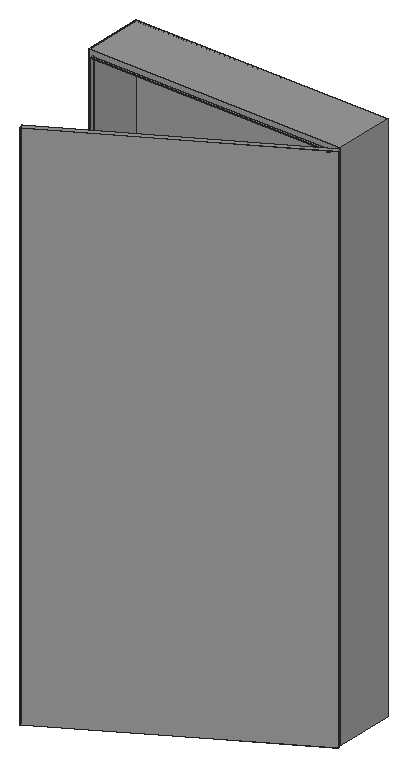
Revit family "Hager-Univers-IP44-D205-H1700-Cl.II-Encl-NoHosted-ES-es", category Electrical Equipment, Revit 2020
Family settings
  Panel Configuration = Two Columns, Circuits Across
  Round Connector Dimension = Use Diameter
  Part Type = Panelboard
  Work Plane-Based = Yes
  Always vertical = Yes
  Cut with Voids When Loaded = No
  Shared = No
  Room Calculation Point = No
Parameters (values of type "Montado superficial (escayola) IP44 A800 A1700 P205  - FP13SN2")
  Width Control [instance] = if([EF000008 - Anchura] > Min Width, [EF000008 - Anchura], Min Width)  # 800 mm
  Type Comments = [HG000003 - Gama]  # "Univers"
  Thickness Door [instance] = if([EF009171 - Espesor puerta/tapa] > 3 mm, 3 mm, [EF009171 - Espesor puerta/tapa])  # 1 mm
  Seal Frame Offset [instance] = 17 mm  # constant formula
  Plinth Visibility [instance] = [HG000027 - Altura de zócalo] > 0 mm  # no
  Min Width [instance] = 100 mm  # constant formula
  Min Depth [instance] = (2 * [EF009170 - Espesor del material de la caja]) + 1 mm  # 3 mm
  Min Height [instance] = 100 mm  # constant formula
  Internal Frame Depth [instance] = (Door System Depth * 0.5)  # 9 mm
  Panel Name [instance] = ""  # (empty or 0)
  Model = ""
  HG000027 - Altura de zócalo = 0 mm
  HG000026 - Instalación en suelo = no
  HG000024 - Altura de la sección inferior = 600 mm
  HG000023 - Caja de doble sección = no
  HG000016 - Visibilidad de la puerta 3D [instance] = yes
  HG000015 - Visibilidad a través de la puerta [instance] = no
  HG000014 - Puerta a la derecha [instance] = yes
  HG000013 - Puerta a la izquierda [instance] = not([HG000014 - Puerta a la derecha])  # no
  HG000012 - Ángulo de giro de la puerta [instance] = 30.00°
  HG000010 - Puertas asimétricas = no
  HG000009 - Puerta batiente doble = no
  HG000006 - Empotrado = no
  HG000004 - Referencia del fabricante = "FP13SN2"
  HG000003 - Gama = "Univers"
  HG000002 - Con puerta o tapa = yes
  Frame Offset Bottom [instance] = 10 mm  # constant formula
  Frame Offset [instance] = 15 mm  # constant formula
  EF015940 - Tapa con alivio de sobrepresión = no
  EF011959 - Grado de protección (NEMA) = ""
  EF009554 - Número de aberturas para placas-brida = 6
  EF009212 - Versión de la cubierta = "EV000116 - Cerrado"
  EF009171 - Espesor puerta/tapa = 1 mm
  EF009170 - Espesor del material de la caja = 1 mm
  EF008873 - Corriente nominal (In) = 400 A
  EF007800 - Adecuado para la protección contra rayos = no
  EF006306 - Con cierre = no
  EF006244 - Tapa/puerta transparente = no
  EF005474 - Grado de protección (IP) = "EV006418 - IP44"
  EF004464 - Tipo de puerta = "EV002646 - Único"
  EF004427 - Número de módulos = 396
  EF004293 - Resistencia al impacto (IK) = "EV006815 - IK09"
  EF003532 - Adecuado para uso en exteriores = no
  EF002950 - Anchura de unidades de división = 36
  EF001613 - Integridad del circuito = "EV000494 - Ninguno"
  EF001596 - Material de la carcasa = "EV000179 - Acero"
  EF001131 - Profundidad interna = 143 mm
  EF001088 - Posibilidad de extensión = yes
  EF000437 - Número de entradas de conductos de cables = 6
  EF000339 - Tipo de cubierta = "EV001012 - Cubrir"
  EF000266 - Número de filas = 11
  EF000218 - Profundidad de instalación = 205 mm
  EF000118 - Con placa de montaje = no
  EF000116 - Número RAL = "9010"
  EF000049 - Profundidad = 205 mm
  EF000040 - Altura = 1700 mm
  EF000008 - Anchura = 800 mm
  EF000007 - Color = "EV000202 - Blanco"
  EF000003 - Tipo de montaje = "EV000384 - Montado superficial (escayola)"
  Door System Leaf Tolerance [instance] = 1.5 mm  # constant formula
  Door System Depth [instance] = 18 mm  # constant formula
  Door Height [instance] = Height Control - [HG000027 - Altura de zócalo]  # 1700 mm
  Description = ""
  Default Elevation = 1219.2 mm
  Connector Offset [instance] = Height Control / 2  # 850 mm
  Manufacturer = "Hager"  # constant formula
  Height Control [instance] = if([EF000040 - Altura] > Min Height, [EF000040 - Altura], Min Height)  # 1700 mm
  Depth Control [instance] = if([EF000049 - Profundidad] > Min Depth, [EF000049 - Profundidad], Min Depth)  # 205 mm
  Bottom Top Plate Trim [instance] = 1.5 mm  # constant formula
  Plinth height Ctrl [instance] = if([HG000027 - Altura de zócalo] > 0 mm, [HG000027 - Altura de zócalo], 12 mm)  # 12 mm
Types (5, lengths in mm): name | Width Control | HG000010 - Puertas asimétricas | HG000009 - Puerta batiente doble | HG000004 - Referencia del fabricante | EF009554 - Número de aberturas para placas-brida | EF008873 - Corriente nominal (In) | EF004464 - Tipo de puerta | EF004427 - Número de módulos | EF002950 - Anchura de unidades de división | EF000437 - Número de entradas de conductos de cables | EF000008 - Anchura
  Montado superficial (escayola) IP44 A1050 A1700 P205  - FP14SN2 | 1050 | no | yes | "FP14SN2" | 8 | 400 A | "EV003602 - Doble" | 528 | 48 | 8 | 1050
  Montado superficial (escayola) IP44 A1300 A1700 P205  - FP15SN2 | 1300 | yes | yes | "FP15SN2" | 10 | 400 A | "EV003602 - Doble" | 660 | 60 | 10 | 1300
  Montado superficial (escayola) IP44 A300 A1700 P205  - FP11SN2 | 300 | no | no | "FP11SN2" | 2 | 250 A | "EV002646 - Único" | 132 | 12 | 2 | 300
  Montado superficial (escayola) IP44 A550 A1700 P205  - FP12SN2 | 550 | no | no | "FP12SN2" | 4 | 250 A | "EV002646 - Único" | 264 | 24 | 4 | 550
  Montado superficial (escayola) IP44 A800 A1700 P205  - FP13SN2 | 800 | no | no | "FP13SN2" | 6 | 400 A | "EV002646 - Único" | 396 | 36 | 6 | 800
Reference planes
  plane 1 "Center (Front/Back)": y = 0
  plane 2: z = 0
  plane 3 "Center (Left/Right)": x = 0
  plane 4: y = 0
  plane 5: y = 0
  plane 6: z = 0
  plane 7: x = -400
  plane 8: x = 400
  plane 9: x = 399
  plane 10: x = -399
  plane 11: z = 0
  plane 12: z = 1
  plane 13: y = -205
  plane 14: y = -1
  plane 15: x = 0
  plane 16: y = -187
  plane 17: y = -204
  plane 18: y = -186
  plane 19: x = -384
  plane 20: x = 384
  plane 21: z = 11
  plane 22: x = -383
  plane 23: x = 383
  plane 24: z = 0
  plane 25: z = 1700
  plane 26: z = 1700
  plane 27: z = 1684
  plane 28: z = 1699
Forms (mm)
  Extrusion 1, solid, material "Hager_Steel_RAL7035_Light_Grey", detail levels medium+fine
    sketch origin (-208.679, -4572, 0) x (-1, 0, 0) y (0, -1, 0)
      loop
        line (191.321, -4385) -> (-608.679, -4385) -> (-608.679, -4572) -> (191.321, -4572) -> (191.321, -4385)
    from 0 to 1700
  Extrusion 2, void
    sketch origin (-350.771, -205, 1219.2) x (1, 0, 0) y (0, 0, 1)
      loop
        line (-48.229, 479.8) -> (-48.229, -1218.2) -> (749.771, -1218.2) -> (749.771, 479.8) -> (-48.229, 479.8)
    from -19 to -204
  Extrusion 3, void
    sketch origin (-290.084, -187, 1219.2) x (1, 0, 0) y (0, 0, 1)
      loop
        line (-93.916, -1208.2) -> (674.084, -1208.2) -> (674.084, 464.8) -> (-93.916, 464.8) -> (-93.916, -1208.2)
    from 0 to -1
  Extrusion 4, solid, material "Hager_Steel_RAL7035_Light_Grey", visible <- "Plinth Visibility", detail levels medium+fine
    sketch origin (0, 0, 0) x (1, 0, 0) y (0, 1, 0)
      loop
        line (-400, 0) -> (-400, -187) -> (400, -187) -> (400, 0) -> (-400, 0)
    from 0 to 12 <- "Plinth height Ctrl"
  Extrusion 5, solid, material "Hager_Steel_RAL7035_Light_Grey", detail levels coarse
    sketch origin (0, 0, 0) x (1, 0, 0) y (0, 1, 0)
      loop
        line (-400, 0) -> (-400, -205) -> (400, -205) -> (400, 0) -> (-400, 0)
    from 0 to 1700 <- "Height Control"
  Sweep 6, void
    path in 3D
      loop
        line (-400, -187, 12) -> (400, -187, 12) -> (400, 0, 12) -> (-400, 0, 12) -> (-400, -187, 12)
    profile origin (-400, -93.5, 12) x (1, 0, 0) y (0, 0, 1)
      loop
        line (0, 0) -> (0, -1.5) -> (1.5, -1.5)
        arc (1.5, -1.5) -> (1.061, -0.439) -> (0, 0) r 1.5
  Extrusion 7, solid, material "Hager_Steel_RAL7035_Light_Grey", detail levels fine
    sketch origin (-400, -187, 0) x (1, 0, 0) y (0, 0, 1)
      loop
        line (16, 11) -> (784, 11) -> (784, 1684) -> (16, 1684) -> (16, 11)
      loop
        line (15, 10) -> (785, 10) -> (785, 1685) -> (15, 1685) -> (15, 10)
    from 0 to 9 <- "Internal Frame Depth"
Cuts and joins
  Extrusion 2, Extrusion 3 cuts Extrusion 1
  Sweep 6 cuts Extrusion 4
Lines and regions (mm)
  Masking region 1
    outline origin (0, 0, 0) x (1, 0, 0) y (0, 1, 0)
      loop
        line (-400, 0) -> (-400, -205) -> (400, -205) -> (400, 0) -> (-400, 0)
  Masking region 2, detail levels coarse
    outline origin (-290.084, -187, 1219.2) x (-1, 0, 0) y (0, 0, 1)
      loop
        line (-690.084, -1219.2) -> (109.916, -1219.2) -> (109.916, 480.8) -> (-690.084, 480.8) -> (-690.084, -1219.2)
  Masking region 3, detail levels coarse
    outline origin (0, 0, 0) x (0, 1, 0) y (0, 0, 1)
      loop
        line (0, 0) -> (0, 1700) -> (-205, 1700) -> (-205, 0) -> (0, 0)
  Masking region 4, visible <- "Plinth Visibility", detail levels medium+fine
    outline origin (0, 0, 0) x (0, 1, 0) y (0, 0, 1)
      loop
        line (-1.5, 12) -> (-185.5, 12)
        arc (-185.5, 12) -> (-185.939, 10.939) -> (-187, 10.5) r 1.5
        line (-187, 10.5) -> (-187, 0) -> (0, 0) -> (0, 10.5)
        arc (0, 10.5) -> (-1.061, 10.939) -> (-1.5, 12) r 1.5
  Masking region 5, detail levels medium+fine
    outline origin (0, 0, 594.038) x (0, 1, 0) y (0, 0, 1)
      loop
        line (0, -594.038) -> (0, 1105.962) -> (-187, 1105.962) -> (-187, -594.038) -> (0, -594.038)
  Masking region 6, detail levels medium+fine
    outline origin (-359.7, -187, 1211.883) x (-1, 0, 0) y (0, 0, 1)
      loop
        line (-759.7, -1211.883) -> (40.3, -1211.883) -> (40.3, 488.117) -> (-759.7, 488.117) -> (-759.7, -1211.883)
  Masking region 7, visible <- "Plinth Visibility", detail levels medium+fine
    outline origin (-320.334, -187, 1041.368) x (-1, 0, 0) y (0, 0, 1)
      loop
        line (-720.334, -1041.368) -> (79.666, -1041.368) -> (79.666, -1030.868)
        arc (79.666, -1030.868) -> (78.606, -1030.429) -> (78.166, -1029.368) r 1.5
        line (78.166, -1029.368) -> (-718.834, -1029.368)
        arc (-718.834, -1029.368) -> (-719.273, -1030.429) -> (-720.334, -1030.868) r 1.5
        line (-720.334, -1030.868) -> (-720.334, -1041.368)
  sketch lines
    curve 1: line (-400, 0, 12) -> (-400, -187, 12)
    curve 2: line (-400, -187, 12) -> (400, -187, 12)
    curve 3: line (400, 0, 12) -> (-400, 0, 12)
    curve 4: line (400, -187, 12) -> (400, 0, 12)
Dimensions and locks
  locked: plane 1 "Center (Front/Back)" to plane 5
  "EF009170 - Espesor del material de la caja": plane 7 to plane 10
  "EF009170 - Espesor del material de la caja": plane 8 to plane 9
  equal spacing: plane 7, plane 3 "Center (Left/Right)", plane 8
  "Width Control": plane 7 to plane 8
  "Depth Control": plane 4 to plane 13
  "EF009170 - Espesor del material de la caja": plane 4 to plane 14
  "Height Control": plane 25 to level
  "HG000027 - Altura de zócalo": plane 11 to level
  "EF009170 - Espesor del material de la caja": plane 12 to plane 11
  "EF009170 - Espesor del material de la caja": plane 17 to plane 13
  "EF009170 - Espesor del material de la caja": plane 18 to plane 16
  "Frame Offset Bottom": plane 21 to plane 12
  "Frame Offset": plane 10 to plane 19
  "Frame Offset": plane 9 to plane 20
  "Door System Depth": plane 16 to plane 13
  "Seal Frame Offset": plane 7 to plane 22
  "Seal Frame Offset": plane 8 to plane 23
  "EF009170 - Espesor del material de la caja": plane 26 to plane 28
  "Frame Offset": plane 28 to plane 27
  "Connector Offset": plane 2 to connector elem
  "Bottom Top Plate Trim": profile plane to Sweep 6 sketch curve
  "Bottom Top Plate Trim": Sweep 6 sketch curve to Sweep 6 sketch curve
  "Plinth height Ctrl": Masking region 4 sketch curve to level
  "Plinth height Ctrl": Masking region 7 sketch curve to level
  "Thickness Door": Extrusion 7 sketch curve to Extrusion 7 sketch curve  (x4)
  "Bottom Top Plate Trim": radius of Sweep 6 sketch curve
  "Bottom Top Plate Trim": radius of Masking region 4 sketch curve  (x2)
  "Bottom Top Plate Trim": radius of Masking region 7 sketch curve  (x2)
  aligned and locked: Extrusion 2 sketch curve to plane 12
  aligned and locked: Extrusion 2 sketch curve to plane 9
  aligned and locked: Extrusion 2 sketch curve to plane 10
  aligned and locked: Extrusion 2 to plane 14
  aligned and locked: Extrusion 1 sketch curve to plane 4
  aligned and locked: plane 8 to Extrusion 1 sketch curve
  aligned and locked: plane 7 to Extrusion 1 sketch curve
  aligned and locked: Extrusion 2 to plane 18
  aligned and locked: Extrusion 3 sketch curve to plane 19
  aligned and locked: plane 20 to Extrusion 3 sketch curve
  aligned and locked: Extrusion 3 to Extrusion 2
  aligned and locked: Extrusion 3 sketch curve to plane 21
  aligned and locked: plane 3 "Center (Left/Right)" to nested 1
  aligned and locked: Extrusion 1 sketch curve to plane 16
  aligned and locked: Extrusion 4 sketch curve to cut or joined group of Extrusion 1, Extrusion 2, Extrusion 3
  aligned and locked: Masking region 1 sketch curve to plane 7
  aligned and locked: Masking region 1 sketch curve to plane 5
  aligned and locked: Masking region 1 sketch curve to plane 8
  aligned and locked: Masking region 2 sketch curve to level
  aligned and locked: level to Masking region 3 sketch curve
  aligned and locked: plane 1 "Center (Front/Back)" to Masking region 3 sketch curve
  aligned and locked: plane 13 to Masking region 3 sketch curve
  aligned and locked: plane 5 to Masking region 4 sketch curve
  aligned and locked: Masking region 2 sketch curve to plane 8
  aligned and locked: Masking region 2 sketch curve to plane 7
  aligned and locked: plane 7 to nested 2
  aligned and locked: nested 2 to plane 5
  aligned and locked: plane 5 to Masking region 5 sketch curve
  aligned and locked: plane 26 to Masking region 5 sketch curve
  aligned and locked: Extrusion 5 sketch curve to plane 8
  aligned and locked: Extrusion 5 sketch curve to plane 7
  aligned and locked: Extrusion 5 sketch curve to plane 5
  aligned and locked: Extrusion 3 sketch curve to plane 27
  aligned and locked: Extrusion 2 sketch curve to plane 28
  aligned and locked: Masking region 2 to plane 25
  aligned and locked: Extrusion 4 to plane 16
  aligned and locked: profile plane to Sweep 6 sketch curve
  aligned and locked: Masking region 5 sketch curve to plane 24
  aligned and locked: level to Masking region 4 sketch curve
  aligned and locked: Masking region 1 to plane 13
  aligned and locked: nested 1 to plane 16
  aligned and locked: Masking region 3 to plane 25
  aligned and locked: plane 16 to Masking region 4 sketch curve
  aligned and locked: Masking region 5 sketch curve to plane 16
  aligned and locked: plane 24 to plane 11
  aligned and locked: plane 26 to plane 25
  aligned and locked: plane 26 to cut or joined group of Extrusion 1, Extrusion 2, Extrusion 3
  aligned and locked: nested 1 to plane 24
  aligned and locked: Extrusion 1 to Extrusion 3
  aligned and locked: Masking region 6 sketch curve to plane 8
  aligned and locked: Masking region 6 sketch curve to plane 24
  aligned and locked: Masking region 6 sketch curve to plane 7
  aligned and locked: Masking region 6 sketch curve to plane 26
  aligned and locked: Masking region 7 sketch curve to plane 7
  aligned and locked: level to Masking region 7 sketch curve
  aligned and locked: Masking region 7 sketch curve to plane 8
  aligned and locked: Extrusion 7 sketch curve to cut or joined group of Extrusion 1, Extrusion 2, Extrusion 3  (x4)
Automatic sketch dimensions
  plane 19 to Extrusion 3 sketch curve = 0 mm
  Extrusion 3 sketch curve to plane 20 = 0 mm
  Extrusion 3 sketch curve to plane 21 = 0 mm
  Extrusion 4 sketch curve to plane 7 = 0 mm
  Extrusion 4 sketch curve to plane 8 = 0 mm
  Extrusion 4 sketch curve to plane 16 = 0 mm
  Masking region 1 sketch curve to plane 13 = 0 mm
  Masking region 2 sketch curve to plane 25 = 0 mm
  Masking region 3 sketch curve to plane 25 = 0 mm
  Extrusion 5 sketch curve to plane 13 = 0 mm
  profile plane to Sweep 6 sketch curve = 0 mm
Nested families
  nested 1: "EC000058_Univers_Door" at (0, -187, 0), Double <- "HG000009 - Puerta batiente doble", Transparent <- "EF006244 - Tapa/puerta transparente", Angle <- "HG000012 - Ángulo de giro de la puerta", Door_Right <- "HG000014 - Puerta a la derecha", Assymetrical <- "HG000010 - Puertas asimétricas", Door <- "HG000002 - Con puerta o tapa", Width_Ctrl <- "Width Control", 3d_Door <- "HG000016 - Visibilidad de la puerta 3D", Clearance <- "HG000015 - Visibilidad a través de la puerta", Door_Left <- "HG000013 - Puerta a la izquierda", Width <- "Width Control", Door_Depth <- "Door System Depth", Leaf_Tolerance <- "Door System Leaf Tolerance", Height <- "Door Height", Lock_Visibility <- "EF006306 - Con cierre", Thickness <- "Thickness Door", type "EC000058_Univers_Door", detail levels medium+fine
    with min_wh 3 mm, Width_Ctrl 800 mm, Width 800 mm, Transparent no, Thickness 1 mm, Seal_Material Hager_Rubber, Lock_Visibility no, Lock_Material Hager_Plastic_RAL9005_Jet_Black, Leaf_Width 800 mm, Leaf_Tolerance_External_Sides 0 mm, Leaf_Tolerance 1.5 mm, Leaf_Offset 0 mm, Leaf_Height 1697 mm, Leaf_2_Width 800 mm, Leaf_2_Offset 400 mm, Leaf_1_Width 800 mm, Leaf_1_Offset 400 mm, Height_Ctrl 1700 mm, Height 1700 mm, Glass_Material Hager_Glass, Double_Clearance_Ctrl no, Double no, Door_Right_Ctrl yes, Door_Right yes, Door_Material Hager_Steel_RAL7035_Light_Grey, Door_Left_Ctrl no, Door_Left no, Door_Depth 18 mm, Door yes, Clearance_Material Hager_Clearance, Clearance_Depth 800 mm, Clearance_Ctrl no, Clearance no, Assymetrical no, Angle 30.00°, 3d_Door yes
  nested 2: "Hager_Enclosure_Symbol" at (-400, 0, 0), Height <- "Depth Control", Width <- "Width Control", type "Hager_Enclosure_Symbol"
    with Width_Ctrl 800 mm, Width 800 mm, Height_Ctrl 205 mm, Height 205 mm, A_Width_Int 13.453 mm, A_Width 161.438 mm, A_Height_Ctrl 179.375 mm, A_Height 179.375 mm
Connectors
  electrical at (0, 0, 850)
    settings: on plane 1 "Center (Front/Back)", index 1, voltage 0 V, apparent load 0 VA, apparent load phase1 0 VA, apparent load phase2 0 VA, apparent load phase3 0 VA, power factor 1, load classification "Other", number of poles 1, system type 30, power factor state 1, is connector primary yes, connector utility no, sub classification motor no, connector description ""
Definition of nested family "EC000058_Univers_Door"
  Parameters (values of type "EC000058_Univers_Door")
    min_wh [instance] = (2 * Thickness) + 1 mm  # 11 mm
    Width_Ctrl [instance] = 400 mm
    Width [instance] = 500 mm
    Transparent [instance] = yes
    Thickness [instance] = 5 mm
    Seal_Material [instance] = none
    Lock_Visibility [instance] = yes
    Lock_Material [instance] = none
    Leaf_Width [instance] = if((Width_Ctrl - 2 * Leaf_Tolerance_External_Sides) > 0 mm, (Width_Ctrl - 2 * Leaf_Tolerance_External_Sides), min_wh)  # 400 mm
    Leaf_Tolerance_External_Sides [instance] = 0 mm  # constant formula
    Leaf_Tolerance [instance] = 1.5 mm
    Leaf_Offset [instance] = 0 mm  # constant formula
    Leaf_Height [instance] = if((Height_Ctrl - 2 * Leaf_Tolerance) > 0 mm, (Height_Ctrl - 2 * Leaf_Tolerance), min_wh)  # 497 mm
    Leaf_2_Width [instance] = if(and(and(Double, Assymetrical), Door_Left), (Leaf_Width / 3) - (Leaf_Tolerance / 2), if(and(and(Double, Assymetrical), Door_Right), (Leaf_Width / 3) * 2 - (Leaf_Tolerance / 2), if(and(Double, not(Assymetrical)), (Leaf_Width / 2) - Leaf_Tolerance, Leaf_Width)))  # 400 mm
    Leaf_2_Offset [instance] = if(and(Double, Assymetrical), Leaf_2_Width / 2, if(and(Double, not(Assymetrical)), Leaf_Width / 4, Leaf_Width / 2))  # 200 mm
    Leaf_1_Width [instance] = if(and(and(Double, Assymetrical), Door_Right), (Leaf_Width / 3) - (Leaf_Tolerance / 2), if(and(and(Double, Assymetrical), Door_Left), (Width / 3) * 2 - (Leaf_Tolerance / 2), if(and(Double, not(Assymetrical)), (Leaf_Width / 2) - Leaf_Tolerance, Leaf_Width)))  # 400 mm
    Leaf_1_Offset [instance] = if(and(Double, Assymetrical), Leaf_1_Width / 2, if(and(Double, not(Assymetrical)), Leaf_Width / 4, Leaf_Width / 2))  # 200 mm
    Height_Ctrl [instance] = if(Height > min_wh, Height, min_wh)  # 500 mm
    Height [instance] = 500 mm
    Glass_Material [instance] = none
    Double_Clearance_Ctrl [instance] = and(Double, Clearance)  # no
    Double [instance] = no
    Door_Right_Ctrl [instance] = and(or(Door_Right, Double), Door)  # yes
    Door_Right [instance] = yes
    Door_Material [instance] = none
    Door_Left_Ctrl [instance] = and(or(Door_Left, Double), Door)  # no
    Door_Left [instance] = no
    Door_Depth [instance] = 30 mm
    Door [instance] = yes
    Default Elevation = 1219.2 mm
    Clearance_Material [instance] = none
    Clearance_Depth [instance] = if(Leaf_1_Width > Leaf_2_Width, Leaf_1_Width, Leaf_2_Width)  # 400 mm
    Clearance_Ctrl [instance] = and(not(Double), Clearance)  # yes
    Clearance [instance] = yes
    Assymetrical [instance] = yes
    Angle [instance] = 30.00°
    3d_Door [instance] = yes
  Reference planes
    plane 1 "Center (Front/Back)": y = 0
    plane 2 "Bottom": z = 0
    plane 3 "Center (Left/Right)": x = 0
    plane 4: z = 500
    plane 5: x = -200
    plane 6: x = 200
    plane 7: z = 500
    plane 8: x = -200
    plane 9: z = 0
    plane 10: x = 200
    plane 11: y = 0
    plane 12: z = 1.5
    plane 13: x = -600
    plane 14: y = -400
    plane 15: x = 600
    plane 16: x = 0
    plane 17: x = 0
    plane 18: x = -200
    plane 19: x = 200
    plane 20: z = 498.5
  Forms (mm)
    Extrusion 1, solid, material <- "Clearance_Material", visible <- "Double_Clearance_Ctrl"
      sketch origin (1200, 0, 0) x (1, 0, 0) y (0, 0, -1)
        loop
          line (-1800, -498.5) -> (-600, -498.5) -> (-600, 0) -> (-1800, 0) -> (-1800, -498.5)
      from 0 to -400
  Dimensions and locks
    equal spacing: plane 5, plane 3 "Center (Left/Right)", plane 6
    "Width_Ctrl": plane 5 to plane 6
    "Leaf_Offset": plane 5 to plane 8
    "Leaf_Offset": plane 6 to plane 10
    "Leaf_Offset": plane 9 to level
    "Leaf_Offset": plane 4 to plane 7
    "Height_Ctrl": plane 4 to level
    "Leaf_Tolerance": plane 12 to plane 9
    locked: plane 11 to plane 1 "Center (Front/Back)"
    "Leaf_1_Offset": plane 18 to plane 16
    "Leaf_2_Offset": plane 17 to plane 19
    "Leaf_1_Width": plane 13 to plane 8
    "Leaf_2_Width": plane 10 to plane 15
    "Clearance_Depth": plane 14 to plane 1 "Center (Front/Back)"
    "Leaf_Tolerance_External_Sides": plane 8 to plane 18
    "Leaf_Tolerance_External_Sides": plane 19 to plane 10
    "Leaf_Tolerance": plane 7 to plane 20
    aligned and locked: level to plane 2 "Bottom"
    aligned and locked: nested 1 to plane 16
    aligned and locked: nested 2 to plane 17
    aligned and locked: Extrusion 1 to plane 13
    aligned and locked: plane 15 to Extrusion 1
    aligned and locked: Extrusion 1 to plane 14
    aligned and locked: plane 12 to nested 1
    aligned and locked: nested 2 to plane 12
    aligned and locked: Extrusion 1 to plane 11
    aligned and locked: plane 20 to Extrusion 1
    aligned and locked: nested 2 to plane 11
    aligned and locked: nested 1 to plane 11
  Automatic sketch dimensions
    Extrusion 1 sketch curve to level = 0 mm
    plane 5 to Extrusion 1 sketch curve = 400 mm
    plane 6 to Extrusion 1 sketch curve = 400 mm
    Extrusion 1 sketch curve to plane 4 = 1.5 mm
  Nested families
    nested 1: "EC000058_Univers_Door_Leaf" at (0, 0, 1.5), Width <- "Leaf_1_Width", visible <- "Door_Left_Ctrl", Leaf_Height <- "Leaf_Height", Angle <- "Angle", 3d_Door <- "3d_Door", Transparent <- "Transparent", Clearance Material <- "Clearance_Material", Clearance <- "Clearance_Ctrl", Door_Material <- "Door_Material", Glass_Material <- "Glass_Material", Door_Depth <- "Door_Depth", Lock_Material <- "Lock_Material", Seal_Material <- "Seal_Material", Lock_Visibility <- "Lock_Visibility", Thickness <- "Thickness", type "EC000058_Univers_Door_Leaf"
      with Width 400 mm, Transparent_Glass_Offset 30 mm, Transparent_Ctrl yes, Transparent yes, Thickness 5 mm, Standard no, Seal_Material none, Seal_D2 8 mm, Seal_D1 1 mm, Offset_Internal_Frame 10 mm, Lock_Width 20 mm, Lock_Visibility_3d yes, Lock_Visibility yes, Lock_Thickness_3 3 mm, Lock_Thickness_2 1 mm, Lock_Thickness_1 3 mm, Lock_Radius_Offset_2 16 mm, Lock_Radius_Offset_1 15 mm, Lock_Radius_2 5 mm, Lock_Radius 6 mm, Lock_Offset 5 mm, Lock_Material none, Lock_Height 80 mm, Lock_Cover_Top_Offset_2d 17 mm, Lock_Cover_Height -65 mm, Leaf_Height 497 mm, Internal_Seal_Thickness 8 mm, Internal_Seal_Depth_2 4.5 mm, Internal_Frame_Depth 25 mm, Glass_Thickness -1 mm, Glass_Offset -2 mm, Glass_Material none, Door_Material none, Door_Depth 30 mm, Clearance Material none, Clearance yes, Angle_Ctrl 30.00°, Angle 30.00°, 3d_Door yes
    nested 2: "EC000058_Univers_Door_Leaf" at (0, 0, 1.5) x (-1, 0, 0) z (0, 0, 1), Width <- "Leaf_2_Width", visible <- "Door_Right_Ctrl", Leaf_Height <- "Leaf_Height", Angle <- "Angle", 3d_Door <- "3d_Door", Transparent <- "Transparent", Clearance Material <- "Clearance_Material", Clearance <- "Clearance_Ctrl", Door_Material <- "Door_Material", Glass_Material <- "Glass_Material", Door_Depth <- "Door_Depth", Lock_Material <- "Lock_Material", Seal_Material <- "Seal_Material", Lock_Visibility <- "Lock_Visibility", Thickness <- "Thickness", type "EC000058_Univers_Door_Leaf"
      with Width 400 mm, Transparent_Glass_Offset 30 mm, Transparent_Ctrl yes, Transparent yes, Thickness 5 mm, Standard no, Seal_Material none, Seal_D2 8 mm, Seal_D1 1 mm, Offset_Internal_Frame 10 mm, Lock_Width 20 mm, Lock_Visibility_3d yes, Lock_Visibility yes, Lock_Thickness_3 3 mm, Lock_Thickness_2 1 mm, Lock_Thickness_1 3 mm, Lock_Radius_Offset_2 16 mm, Lock_Radius_Offset_1 15 mm, Lock_Radius_2 5 mm, Lock_Radius 6 mm, Lock_Offset 5 mm, Lock_Material none, Lock_Height 80 mm, Lock_Cover_Top_Offset_2d 17 mm, Lock_Cover_Height -65 mm, Leaf_Height 497 mm, Internal_Seal_Thickness 8 mm, Internal_Seal_Depth_2 4.5 mm, Internal_Frame_Depth 25 mm, Glass_Thickness -1 mm, Glass_Offset -2 mm, Glass_Material none, Door_Material none, Door_Depth 30 mm, Clearance Material none, Clearance yes, Angle_Ctrl 30.00°, Angle 30.00°, 3d_Door yes
  Definition of nested family "EC000058_Univers_Door_Leaf"
    Parameters (values of type "EC000058_Univers_Door_Leaf")
      Width [instance] = 2000 mm
      Transparent_Glass_Offset [instance] = 30 mm
      Transparent_Ctrl [instance] = and(Transparent, [3d_Door])  # yes
      Transparent [instance] = yes
      Thickness [instance] = 5 mm
      Standard [instance] = and(not(Transparent), [3d_Door])  # no
      Seal_Material [instance] = none
      Seal_D2 [instance] = 8 mm  # constant formula
      Seal_D1 [instance] = 1 mm  # constant formula
      Offset_Internal_Frame [instance] = 10 mm  # constant formula
      Lock_Width [instance] = 20 mm  # constant formula
      Lock_Visibility_3d [instance] = and(Lock_Visibility, [3d_Door])  # yes
      Lock_Visibility [instance] = yes
      Lock_Thickness_3 [instance] = 3 mm  # constant formula
      Lock_Thickness_2 [instance] = 1 mm  # constant formula
      Lock_Thickness_1 [instance] = 3 mm  # constant formula
      Lock_Radius_Offset_2 [instance] = Lock_Radius_Offset_1 + 1 mm  # 16 mm
      Lock_Radius_Offset_1 [instance] = 15 mm  # constant formula
      Lock_Radius_2 [instance] = Lock_Radius - 1 mm  # 5 mm
      Lock_Radius [instance] = 6 mm  # constant formula
      Lock_Offset [instance] = 5 mm  # constant formula
      Lock_Material [instance] = none
      Lock_Height [instance] = 80 mm  # constant formula
      Lock_Cover_Top_Offset_2d [instance] = Lock_Radius_Offset_2 + 1 mm  # 17 mm
      Lock_Cover_Height [instance] = -(Lock_Height - Lock_Radius_Offset_1)  # -65 mm
      Leaf_Height [instance] = 2720.336 mm
      Internal_Seal_Thickness [instance] = 8 mm  # constant formula
      Internal_Seal_Depth_2 [instance] = 4.5 mm  # constant formula
      Internal_Frame_Depth [instance] = if(Door_Depth - Thickness > 5 mm, Door_Depth - Thickness, 5 mm)  # 25 mm
      Glass_Thickness [instance] = if(Thickness > 15 mm, Glass_Offset + 10 mm, -1 mm)  # -1 mm
      Glass_Offset [instance] = if(Thickness > 15 mm, -(Thickness + 10 mm) / 2, -2 mm)  # -2 mm
      Glass_Material [instance] = none
      Door_Material [instance] = none
      Door_Depth [instance] = 30 mm
      Default Elevation = 0 mm
      Clearance Material [instance] = none
      Clearance [instance] = yes
      Angle_Ctrl [instance] = if(Angle > 180.00°, 180.00°, Angle)  # 90.00°
      Angle [instance] = 90.00°
      3d_Door [instance] = yes
    Reference planes
      plane 1 "Center (Front/Back)": y = 0
      plane 2: z = 0
      plane 3 "Center (Left/Right)": x = 0
      plane 4: y = 2000
      plane 5: x = -1000
      plane 6: x = 1000
      plane 7: x = -3000
      plane 8: z = 2720.336
      plane 9: z = 30
      plane 10: z = 2690.336
      plane 11: x = 970
      plane 12: x = -970
      plane 13: y = -3
      plane 14: z = 107.833
      plane 15: y = -5
      plane 16: y = -223.314
      plane 17: x = -1000
      plane 18: z = 1360.168
      plane 19: y = 30
    Forms (mm)
      Extrusion 1, solid, material <- "Clearance Material", visible <- "Clearance"
        sketch origin (0, 0, 0) x (1, 0, 0) y (0, 0, 1)
          loop
            line (-3000, 2720.336) -> (-3000, 0) -> (1000, 0) -> (1000, 2720.336) -> (-3000, 2720.336)
        from 0 to -2000
      Extrusion 2, solid, material <- "Door_Material", visible <- "Standard", detail levels medium+fine
        sketch origin (-1000, 0, 0) x (0, 1, 0) y (-1, 0, 0)
          loop
            line (0, 30) -> (0, 25) -> (2000, 25) -> (2000, 30) -> (0, 30)
        from 0 to 2720.336 <- "Leaf_Height"
      Extrusion 3, solid, material <- "Door_Material", visible <- "Transparent_Ctrl", detail levels medium+fine
        sketch origin (-1000, 0, 0) x (0, 1, 0) y (-1, 0, 0)
          loop
            line (0, 25) -> (2000, 25) -> (2000, 30) -> (0, 30) -> (0, 25)
        from 0 to 2720.336 <- "Leaf_Height"
      Extrusion 4, void
        sketch origin (-1025, 2000, 0) x (0, 1, 0) y (0, 0, -1)
          loop
            line (-30, -2690.336) -> (-30, -30) -> (-1970, -30) -> (-1970, -2690.336) -> (-30, -2690.336)
        from 0 to 5 <- "Thickness"
      Sweep 5, solid, material <- "Seal_Material", visible <- "Transparent_Ctrl", detail levels fine
        path in 3D
          loop
            line (-1025, 30, 30) -> (-1025, 30, 2690.336) -> (-1025, 1970, 2690.336) -> (-1025, 1970, 30) -> (-1025, 30, 30)
        profile origin (-1025, 1000, 30) x (1, 0, 0) y (0, 0, 1)
          loop
            line (0, 0) -> (0, -8) -> (1, -8) -> (1, 0) -> (0, 0)
      Extrusion 6, solid, material <- "Glass_Material", visible <- "Transparent_Ctrl", detail levels medium+fine
        sketch origin (-1030, 0, 0) x (0, 1, 0) y (0, 0, -1)
          loop
            line (1970, -2690.336) -> (1970, -30) -> (30, -30) -> (30, -2690.336) -> (1970, -2690.336)
        from -2 <- "Glass_Offset" to -1 <- "Glass_Thickness"
      Extrusion 7, solid, material <- "Door_Material", visible <- "3d_Door", detail levels medium+fine
        sketch origin (-1025, 2000, 0) x (0, -1, 0) y (0, 0, -1)
          loop
            line (0, -2720.336) -> (2000, -2720.336) -> (2000, 0) -> (0, 0) -> (0, -2720.336)
          loop
            line (1995, -5) -> (5, -5) -> (5, -2715.336) -> (1995, -2715.336) -> (1995, -5)
        from 0 to 25 <- "Internal_Frame_Depth"
      Sweep 8, solid, material <- "Seal_Material", visible <- "Transparent_Ctrl", detail levels fine
        path in 3D
          loop
            line (-1025, 0, 0) -> (-1025, 2000, 0) -> (-1025, 2000, 2720.336) -> (-1025, 0, 2720.336) -> (-1025, 0, 0)
        profile origin (-1025, 0, 1360.168) x (1, 0, 0) y (0, 1, 0)
          loop
            line (0, 10) -> (2.975, 10)
            arc (2.975, 10) -> (4.053, 10.447) -> (4.5, 11.525) r 1.525
            line (4.5, 11.525) -> (4.5, 16.527)
            arc (4.5, 16.527) -> (4.069, 17.569) -> (3.027, 18) r 1.473
            line (3.027, 18) -> (0, 18) -> (0, 10)
      Extrusion 9, solid, material <- "Lock_Material", visible <- "Lock_Visibility_3d", detail levels fine
        sketch origin (-1030, 0, 0) x (0, 1, 0) y (0, 0, -1)
          loop
            arc (1993.5, -1400.168) -> (1994.561, -1399.729) -> (1995, -1398.668) r 1.5
            line (1995, -1398.668) -> (1995, -1320.168) -> (1975, -1320.168) -> (1975, -1398.668)
            arc (1975, -1398.668) -> (1975.439, -1399.729) -> (1976.5, -1400.168) r 1.5
            line (1976.5, -1400.168) -> (1993.5, -1400.168)
        from 3 <- "Lock_Thickness_1" to 0
      Blend 10, solid, material <- "Lock_Material", visible <- "Lock_Visibility_3d", detail levels fine
        base sketch origin (-1033, 0, 0) x (0, 1, 0) y (0, 0, -1)
          loop
            line (1975, -1320.168) -> (1975, -1398.668)
            arc (1975, -1398.668) -> (1975.439, -1399.729) -> (1976.5, -1400.168) r 1.5
            line (1976.5, -1400.168) -> (1993.5, -1400.168)
            arc (1993.5, -1400.168) -> (1994.561, -1399.729) -> (1995, -1398.668) r 1.5
            line (1995, -1398.668) -> (1995, -1320.168) -> (1975, -1320.168)
        top sketch origin (-1033, 0, 0) x (0, 1, 0) y (0, 0, -1)
          loop
            line (1976, -1320.168) -> (1976, -1398.668)
            arc (1976, -1398.668) -> (1976.146, -1399.022) -> (1976.5, -1399.168) r 0.5
            line (1976.5, -1399.168) -> (1993.5, -1399.168)
            arc (1993.5, -1399.168) -> (1993.854, -1399.022) -> (1994, -1398.668) r 0.5
            line (1994, -1398.668) -> (1994, -1320.168) -> (1976, -1320.168)
        from 0 to 1 <- "Lock_Thickness_2"
      Blend 11, solid, material <- "Lock_Material", visible <- "Lock_Visibility_3d", detail levels fine
        base sketch origin (-1034, 0, 0) x (0, 1, 0) y (0, 0, -1)
          loop
            line (1978, -1320.168) -> (1978, -1384.168)
            arc (1978, -1384.168) -> (1985, -1391.168) -> (1992, -1384.168) r 7
            line (1992, -1384.168) -> (1992, -1320.168) -> (1978, -1320.168)
        top sketch origin (-1034, 0, 0) x (0, 1, 0) y (0, 0, -1)
          loop
            line (1991, -1320.168) -> (1979, -1320.168) -> (1979, -1383.168)
            arc (1979, -1383.168) -> (1985, -1389.168) -> (1991, -1383.168) r 6
            line (1991, -1383.168) -> (1991, -1320.168)
        from 0 to 3 <- "Lock_Thickness_3"
      Extrusion 12, solid, material <- "Lock_Material", visible <- "Lock_Visibility_3d", detail levels fine
        sketch origin (-1030, 1975, 1320.168) x (1, 0, 0) y (0, -1, 0)
          loop
            line (-7, -19) -> (-7, -1) -> (0, -1) -> (0, 0) -> (-8, 0) -> (-8, -20) -> (0, -20) -> (0, -19) -> (-7, -19)
        from 0 to -65 <- "Lock_Cover_Height"
      Extrusion 13, void
        sketch origin (-1038, 1995, 1320.168) x (-1, 0, 0) y (0, 0, -1)
          loop
            line (-5, -65) -> (0, -65) -> (-5, -60) -> (-5, -65)
        from 0 to 20 <- "Lock_Width"
      Extrusion 14, void
        sketch origin (-1038, 1975, 1320.168) x (0, -1, 0) y (0, 0, -1)
          loop
            circle (-10, -15.995) r 6
          loop
            circle (-10, -15.995) r 5
        from 0 to 2
      Extrusion 15, solid, material <- "Lock_Material", visible <- "Lock_Visibility_3d", detail levels medium
        sketch origin (-1030, 0, 0) x (0, 1, 0) y (0, 0, -1)
          loop
            arc (1993.5, -1400.168) -> (1994.561, -1399.729) -> (1995, -1398.668) r 1.5
            line (1995, -1398.668) -> (1995, -1320.168) -> (1975, -1320.168) -> (1975, -1398.668)
            arc (1975, -1398.668) -> (1975.439, -1399.729) -> (1976.5, -1400.168) r 1.5
            line (1976.5, -1400.168) -> (1993.5, -1400.168)
        from 8 to 0
    Cuts and joins
      Extrusion 4 cuts Extrusion 3
      Extrusion 13, Extrusion 14 cuts Extrusion 9
      Extrusion 14 cuts Blend 11
      Extrusion 13, Extrusion 14 cuts Extrusion 12
      joined: Extrusion 9, Blend 10, Blend 11, Extrusion 12
      Extrusion 14 cuts Extrusion 15
    Lines and regions (mm)
      Masking region 1, visible <- "Lock_Visibility", detail levels fine
        outline origin (0, 0, 0) x (0, 1, 0) y (0, 0, 1)
          loop
            line (30, 1320.168) -> (33, 1320.168) -> (33, 1400.168) -> (30, 1400.168) -> (30, 1320.168)
      Masking region 2, visible <- "Lock_Visibility", detail levels fine
        outline origin (0, 3.143, 0) x (0, 1, 0) y (0, 0, 1)
          loop
            line (29.857, 1354.168) -> (30.857, 1354.168) -> (30.857, 1366.168) -> (29.857, 1366.168) -> (29.857, 1354.168)
      Masking region 3, detail levels medium+fine
        outline origin (0, 0, 0) x (0, 1, 0) y (0, 0, 1)
          loop
            line (0, 0) -> (30, 0) -> (30, 2720.336) -> (0, 2720.336) -> (0, 0)
      Masking region 4, detail levels medium+fine
        outline origin (0, 0, 0) x (1, 0, 0) y (0, 0, 1)
          loop
            line (-1000, 2720.336) -> (-1000, 0) -> (1000, 0) -> (1000, 2720.336) -> (-1000, 2720.336)
      Masking region 5, visible <- "Lock_Visibility", detail levels fine
        outline origin (-47.116, 0, 0) x (1, 0, 0) y (0, 0, 1)
          loop
            arc (1024.616, 1399.168) -> (1023.556, 1398.729) -> (1023.116, 1397.668) r 1.5
            line (1023.116, 1397.668) -> (1023.116, 1320.168) -> (1041.116, 1320.168) -> (1041.116, 1397.668)
            arc (1041.116, 1397.668) -> (1040.677, 1398.729) -> (1039.616, 1399.168) r 1.5
            line (1039.616, 1399.168) -> (1024.616, 1399.168)
      Masking region 6, visible <- "Lock_Visibility", detail levels medium+fine
        outline origin (-25, 0, 0) x (1, 0, 0) y (0, 0, 1)
          loop
            arc (1001.5, 1400.168) -> (1000.439, 1399.729) -> (1000, 1398.668) r 1.5
            line (1000, 1398.668) -> (1000, 1320.168) -> (1020, 1320.168) -> (1020, 1398.668)
            arc (1020, 1398.668) -> (1019.561, 1399.729) -> (1018.5, 1400.168) r 1.5
            line (1018.5, 1400.168) -> (1001.5, 1400.168)
      Masking region 7, visible <- "Lock_Visibility", detail levels fine
        outline origin (-73.735, 0, 0) x (1, 0, 0) y (0, 0, 1)
          loop
            line (1051.735, 1382.168) -> (1065.735, 1382.168) -> (1065.735, 1384.168)
            arc (1065.735, 1384.168) -> (1058.735, 1391.168) -> (1051.735, 1384.168) r 7
            line (1051.735, 1384.168) -> (1051.735, 1382.168)
      Masking region 8, visible <- "Lock_Visibility", detail levels fine
        outline origin (-73.735, 0, 0) x (1, 0, 0) y (0, 0, 1)
          loop
            line (1052.735, 1382.168) -> (1064.735, 1382.168) -> (1064.735, 1383.168)
            arc (1064.735, 1383.168) -> (1058.735, 1389.168) -> (1052.735, 1383.168) r 6
            line (1052.735, 1383.168) -> (1052.735, 1382.168)
      Masking region 9, visible <- "Lock_Visibility", detail levels fine
        outline origin (-25, 0, 0) x (1, 0, 0) y (0, 0, 1)
          loop
            line (1020, 1320.168) -> (1020, 1382.168) -> (1000, 1382.168) -> (1000, 1320.168) -> (1020, 1320.168)
      Masking region 10, detail levels medium+fine
        outline origin (0, 0, 0) x (1, 0, 0) y (0, 0, 1)
          loop
            circle (985, 1335.144) r 6
      Masking region 11, detail levels fine
        outline origin (0, 0, 0) x (1, 0, 0) y (0, 0, 1)
          loop
            circle (985, 1335.144) r 5
      Masking region 12, visible <- "Lock_Visibility", detail levels fine
        outline origin (0, 12.767, 0) x (0, 1, 0) y (0, 0, 1)
          loop
            line (20.233, 1320.168) -> (21.233, 1320.168) -> (21.233, 1399.168) -> (20.233, 1400.168) -> (20.233, 1320.168)
      Masking region 13, visible <- "Lock_Visibility", detail levels fine
        outline origin (0, 13.767, -10) x (0, 1, 0) y (0, 0, 1)
          loop
            line (20.233, 1330.168) -> (23.233, 1330.168) -> (23.233, 1399.168) -> (20.233, 1402.168) -> (20.233, 1330.168)
      Masking region 14, visible <- "Lock_Visibility", detail levels fine
        outline origin (0, 12.767, -10) x (0, 1, 0) y (0, 0, 1)
          loop
            line (20.233, 1330.168) -> (25.233, 1330.168) -> (25.233, 1399.305) -> (20.233, 1394.305) -> (20.233, 1330.168)
      Masking region 15, visible <- "Lock_Visibility", detail levels medium
        outline origin (0, 0, 0) x (0, 1, 0) y (0, 0, 1)
          loop
            line (30, 1320.168) -> (38, 1320.168) -> (38, 1400.168) -> (30, 1400.168) -> (30, 1320.168)
      Masking region 16, visible <- "Lock_Visibility", detail levels fine
        outline origin (-1000, 0, 0) x (0, 1, 0) y (-1, 0, 0)
          loop
            line (1975, 30) -> (1995, 30) -> (1995, 38) -> (1975, 38) -> (1975, 30)
          loop
            line (1979, 37) -> (1976, 37) -> (1976, 34) -> (1978, 34) -> (1979, 37)
          loop
            line (1994, 37) -> (1991, 37) -> (1992, 34) -> (1994, 34) -> (1994, 37)
      Masking region 17, visible <- "Lock_Visibility", detail levels medium
        outline origin (-1000, 0, 0) x (0, 1, 0) y (-1, 0, 0)
          loop
            line (1975, 30) -> (1995, 30) -> (1995, 38) -> (1975, 38) -> (1975, 30)
      symbolic lines
        curve 1: line (1000, 0, 0) -> (-3000, 0, 0)
        curve 2: arc (1000, 0, 0) -> (-1000, 2000, 0) -> (-3000, 0, 0) r 2000
        curve 4: line (-1030, 0, 0) -> (-1030, 2000, 0)
      reference lines
        curve 3: line (-1000, 0, 0) -> (-1000, 2000, 0)
      symbolic lines, detail levels medium+fine
        curve 5: line (-1030, 2000, 0) -> (-1025, 2000, 0)
        curve 7: line (-1025, 0, 0) -> (-1030, 0, 0)
        curve 8: line (-1025, 0, 0) -> (-1000, 0, 0)
        curve 9: line (-1000, 0, 0) -> (-1000, 2000, 0)
        curve 10: line (-1000, 2000, 0) -> (-1025, 2000, 0)
      symbolic lines, detail levels fine
        curve 6: line (-1025, 2000, 0) -> (-1025, 0, 0)
      sketch lines
        curve 11: line (-1025, 0, 2720.336) -> (-1025, 0, 0)
        curve 12: line (-1025, 2000, 0) -> (-1025, 0, 0)
        curve 13: line (-1025, 2000, 2720.336) -> (-1025, 2000, 0)
        curve 14: line (-1025, 0, 2720.336) -> (-1025, 2000, 2720.336)
        curve 15: line (-1025, 1970, 30) -> (-1025, 30, 30)
        curve 16: line (-1025, 30, 30) -> (-1025, 30, 2690.336)
        curve 17: line (-1025, 1970, 2690.336) -> (-1025, 1970, 30)
        curve 18: line (-1025, 30, 2690.336) -> (-1025, 1970, 2690.336)
      symbolic lines, visible <- "Transparent", detail levels medium+fine
        curve 19: line (-970, 0, 2690.336) -> (970, 0, 2690.336)
        curve 20: line (-970, 0, 30) -> (-970, 0, 2690.336)
        curve 21: line (970, 0, 30) -> (-970, 0, 30)
        curve 22: line (970, 0, 2690.336) -> (970, 0, 30)
    Dimensions and locks
      "Width": plane 1 "Center (Front/Back)" to plane 4
      equal spacing: plane 5, plane 3 "Center (Left/Right)", plane 6
      "Width": plane 5 to plane 6
      "Width": plane 7 to plane 5
      "Leaf_Height": plane 8 to level
      "Width": curve 5 to curve 3
      "Width": curve 3 to curve 3
      plane 8 to plane 10 = 30 mm
      plane 9 to level = 30 mm
      plane 12 to plane 5 = 30 mm
      plane 6 to plane 11 = 30 mm
      Extrusion 1 to Extrusion 4 sketch curve = 30 mm
      "Transparent_Glass_Offset": curve 3 to Extrusion 4 sketch curve
      "Transparent_Glass_Offset": Extrusion 4 sketch curve to cut or joined group of Extrusion 3, Extrusion 4  (x2)
      cut or joined group of Extrusion 3, Extrusion 4 to Extrusion 6 sketch curve = 30 mm
      "Transparent_Glass_Offset": cut or joined group of Extrusion 3, Extrusion 4 to Extrusion 4 sketch curve
      "Thickness": curve 6 to curve 4
      "Thickness": Extrusion 7 sketch curve to Extrusion 7 sketch curve  (x4)
      "Door_Depth": curve 4 to curve 3
      "Offset_Internal_Frame": profile plane to Sweep 8 sketch curve
      "Internal_Seal_Thickness": Sweep 8 sketch curve to Sweep 8 sketch curve
      "Internal_Seal_Depth_2": profile plane to Sweep 8 sketch curve
      "Seal_D1": profile plane to Sweep 5 sketch curve
      "Seal_D2": profile plane to Sweep 5 sketch curve
      "Thickness": Extrusion 2 sketch curve to Extrusion 2 sketch curve
      equal spacing: Extrusion 9 sketch curve, plane 18, Extrusion 9 sketch curve  (x2)
      equal spacing: Masking region 1 sketch curve, plane 18, Masking region 1 sketch curve
      "Lock_Height": Masking region 1 sketch curve to Masking region 1 sketch curve
      "Lock_Radius": Masking region 2 sketch curve to plane 18 to Masking region 2 sketch curve
      Masking region 2 sketch curve to Masking region 1 = 1 mm
      "Door_Depth": plane 19 to plane 1 "Center (Front/Back)"
      "Lock_Thickness_1": Masking region 1 sketch curve to plane 19
      "Lock_Width": Extrusion 9 sketch curve to Extrusion 9 sketch curve
      "Lock_Height": Extrusion 9 sketch curve to Extrusion 9 sketch curve
      "Lock_Offset": cut or joined group of Extrusion 3, Extrusion 4 to Extrusion 9 sketch curve
      equal spacing: plane 8, plane 18, level
      "Lock_Radius_Offset_1": Blend 11 sketch curve to Blend 10
      locked: Blend 10 to Blend 11 sketch curve at 2  (x2)
      locked: var sketch to Blend 11 sketch curve at 1  (x2)
      "Lock_Radius_Offset_2": Blend 11 sketch curve to Blend 10
      locked: Extrusion 12 sketch curve to Extrusion 12 sketch curve at 1  (x3)
      Masking region 6 sketch curve to Masking region 6 sketch curve = 80 mm
      "Lock_Height": Masking region 6 sketch curve to Masking region 6 sketch curve
      "Lock_Width": Masking region 6 sketch curve to Masking region 6 sketch curve
      locked: Masking region 6 to Masking region 5 sketch curve at 1  (x3)
      locked: Masking region 5 to Masking region 7 sketch curve at 2  (x2)
      "Lock_Radius_Offset_1": Masking region 5 to Masking region 7 sketch curve
      "Lock_Radius_Offset_2": Masking region 5 to Masking region 8 sketch curve
      locked: Masking region 7 to Masking region 8 sketch curve at 1  (x2)
      "Lock_Cover_Top_Offset_2d": Masking region 5 to Masking region 9 sketch curve
      equal spacing: Masking region 9, Masking region 10 sketch curve, Masking region 9
      equal spacing: Masking region 9, Masking region 11 sketch curve, Masking region 9
      Extrusion 15 sketch curve to Extrusion 15 sketch curve = 80 mm
      "Lock_Width": Extrusion 15 sketch curve to Extrusion 15 sketch curve
      "Lock_Height": Extrusion 15 sketch curve to Extrusion 15 sketch curve
      equal spacing: Extrusion 15 sketch curve, plane 18, Extrusion 15 sketch curve
      "Lock_Thickness_3": Masking region 13 sketch curve to Masking region 13 sketch curve
      "Lock_Height": Masking region 12 sketch curve to Masking region 12 sketch curve
      locked: Masking region 13 sketch curve to Masking region 1 at 8
      locked: Masking region 14 sketch curve to Masking region 13 at 1
      locked: Masking region 14 sketch curve to Masking region 1 at 10.863
      "Lock_Height": Masking region 15 sketch curve to Masking region 15 sketch curve
      "Lock_Offset": Extrusion 15 sketch curve to cut or joined group of Extrusion 3, Extrusion 4
      "Lock_Offset": plane 6 to Masking region 6 sketch curve
      radius of Sweep 8 sketch curve = 1.525 mm
      radius of Sweep 8 sketch curve = 1.473 mm
      radius of Extrusion 9 sketch curve = 1.5 mm  (x2)
      "Lock_Radius": radius of Extrusion 14 sketch curve
      "Lock_Radius_2": radius of Extrusion 14 sketch curve
      "Lock_Radius": radius of Masking region 10 sketch curve
      "Lock_Radius_2": radius of Masking region 11 sketch curve
      radius of Extrusion 15 sketch curve = 1.5 mm  (x2)
      "Angle_Ctrl": angle plane 1 "Center (Front/Back)" to curve 3
      locked: Masking region 12 sketch curve to Masking region 12 sketch curve (angle 45.00°)
      locked: Masking region 13 sketch curve to Masking region 13 sketch curve (angle 45.00°)
      locked: Masking region 14 sketch curve to Masking region 14 sketch curve (angle 45.00°)
      aligned and locked: level to plane 2
      aligned and locked: Extrusion 1 to curve 1
      aligned and locked: plane 6 to Extrusion 1
      aligned and locked: Extrusion 1 to plane 1 "Center (Front/Back)"
      aligned and locked: plane 4 to Extrusion 1
      aligned and locked: plane 8 to Extrusion 1
      aligned and locked: curve 7 to Extrusion 2 sketch curve
      aligned and locked: curve 5 to Extrusion 2 sketch curve
      aligned and locked: curve 7 to Extrusion 3 sketch curve
      aligned and locked: Extrusion 3 sketch curve to curve 4
      aligned and locked: Extrusion 3 sketch curve to curve 6
      aligned and locked: Extrusion 3 sketch curve to curve 5
      aligned and locked: curve 9 to curve 3
      aligned and locked: Extrusion 7 sketch curve to cut or joined group of Extrusion 3, Extrusion 4  (x4)
      aligned and locked: plane 17 to curve 3
      aligned and locked: plane 1 "Center (Front/Back)" to curve 3
      aligned and locked: plane 17 to plane 5
      aligned and locked: Sweep 8 sketch curve to profile plane
      aligned and locked: Sweep 5 sketch curve to profile plane  (x2)
      aligned and locked: Masking region 1 to Masking region 2 sketch curve
      aligned and locked: plane 19 to Masking region 1 sketch curve
      aligned and locked: plane 1 "Center (Front/Back)" to Masking region 3 sketch curve
      aligned and locked: plane 19 to Masking region 3 sketch curve
      aligned and locked: level to Masking region 3 sketch curve
      aligned and locked: Masking region 3 sketch curve to plane 8
      aligned and locked: plane 17 to Masking region 4 sketch curve
      aligned and locked: level to Masking region 4 sketch curve
      aligned and locked: Masking region 4 sketch curve to plane 8
      aligned and locked: plane 12 to curve 20
      aligned and locked: plane 10 to curve 19
      aligned and locked: plane 11 to curve 22
      aligned and locked: curve 21 to plane 9
      aligned and locked: Extrusion 2 sketch curve to cut or joined group of Extrusion 3, Extrusion 4
      aligned and locked: Blend 10 sketch curve to Extrusion 9  (x4)
      aligned and locked: Extrusion 9 to Blend 10 sketch curve
      aligned and locked: Blend 10 to Blend 11 sketch curve
      aligned and locked: Extrusion 12 sketch curve to Blend 11
      aligned and locked: Extrusion 12 sketch curve to Extrusion 9  (x4)
      aligned and locked: Masking region 5 sketch curve to Masking region 6
      aligned and locked: Masking region 9 sketch curve to Masking region 6  (x3)
      aligned and locked: Masking region 12 sketch curve to Masking region 1
      aligned and locked: Masking region 13 sketch curve to Masking region 1
      aligned and locked: Masking region 12 to Masking region 14
      aligned and locked: Masking region 14 sketch curve to Masking region 1
      aligned and locked: Masking region 15 sketch curve to Masking region 14
      aligned and locked: Masking region 13 sketch curve to Masking region 12
      aligned and locked: Masking region 16 sketch curve to cut or joined group of Extrusion 14, Extrusion 15  (x4)
      aligned and locked: Masking region 16 sketch curve to cut or joined group of Extrusion 9, Blend 10, Blend 11, Extrusion 12, Extrusion 13, Extrusion 14  (x6)
      aligned and locked: cut or joined group of Extrusion 9, Blend 10, Blend 11, Extrusion 12, Extrusion 13, Extrusion 14 to Masking region 16 sketch curve
      aligned and locked: Masking region 17 sketch curve to cut or joined group of Extrusion 14, Extrusion 15  (x3)
      aligned and locked: Masking region 17 sketch curve to cut or joined group of Extrusion 9, Blend 10, Blend 11, Extrusion 12, Extrusion 13, Extrusion 14
      aligned and locked: Masking region 9 to Masking region 8 sketch curve
      aligned and locked: Masking region 9 to Masking region 7 sketch curve
    Automatic sketch dimensions
      plane 1 "Center (Front/Back)" to curve 2 = 0 mm
      curve 2 to plane 5 = 0 mm
      Extrusion 1 sketch curve to level = 0 mm
      Extrusion 1 sketch curve to plane 7 = 0 mm
      Extrusion 1 sketch curve to plane 6 = 0 mm
      Extrusion 1 sketch curve to plane 8 = 0 mm
      Extrusion 3 to Extrusion 6 sketch curve = 30 mm  (x4)
      Masking region 4 sketch curve to plane 6 = 0 mm
      Blend 10 sketch curve to Extrusion 9 = 1.5 mm
      Blend 10 sketch curve to Extrusion 9 = 1 mm
      Extrusion 13 sketch curve to Extrusion 12 = 0 mm  (x2)
      Extrusion 12 to Extrusion 13 sketch curve = 3 mm
      Extrusion 13 sketch curve to Extrusion 12 = 5 mm
      Extrusion 14 sketch curve to Extrusion 14 sketch curve = 0 mm  (x2)
      Extrusion 14 sketch curve to Extrusion 12 = 10 mm
      Extrusion 14 sketch curve to Extrusion 12 = 15.995 mm
      Masking region 5 sketch curve to Masking region 5 sketch curve = 1.5 mm  (x2)
      Masking region 10 sketch curve to plane 18 = 25.024 mm
      Masking region 11 sketch curve to plane 18 = 25.024 mm
      plane 19 to Masking region 14 sketch curve = 3 mm
      Masking region 16 sketch curve to Masking region 16 sketch curve = 3 mm
      curve 4 to curve 3 = 0 mm
      Blend 10 to Blend 11 sketch curve = 0 mm
      Masking region 6 sketch curve to Masking region 6 sketch curve = 1.5 mm  (x2)
      Masking region 6 sketch curve to plane 18 = 40 mm
      plane 19 to Masking region 12 sketch curve = 3 mm
      Masking region 12 sketch curve to Masking region 12 sketch curve = 1 mm
      Masking region 15 sketch curve to plane 19 = 0 mm
      Masking region 15 sketch curve to plane 18 = 40 mm
      radius of Blend 10 sketch curve to Extrusion 9 = 1 mm
Definition of nested family "Hager_Enclosure_Symbol"
  Parameters (values of type "Hager_Enclosure_Symbol")
    Width_Ctrl [instance] = if(Width > 1 mm, Width, 1 mm)  # 102.27 mm
    Width [instance] = 102.27 mm
    Height_Ctrl [instance] = if(Height > 1 mm, Height, 1 mm)  # 66.5 mm
    A_Width_Int [instance] = if(A_Width / 12 > 2 mm, A_Width / 12, 2 mm)  # 4.364 mm
    A_Width [instance] = if(A_Height_Ctrl * 0.9 > 2 mm, A_Height_Ctrl * 0.9, 2 mm)  # 52.369 mm
    A_Height_Ctrl [instance] = if(A_Height > 2 mm, A_Height, 2 mm)  # 58.188 mm
    Height [instance] = 66.5 mm
    A_Height [instance] = Height - (Height / 8)  # 58.188 mm
  Reference planes
    plane 1 "Centre (avant/arrière)": y = 0
    plane 2: z = 0
    plane 3 "Centre (gauche/droite)": x = 0
    plane 4: x = 52.369
    plane 5: y = 33.042
    plane 6: y = 41.77
    plane 7: y = 66.5
    plane 8: x = 26.184
    plane 9: y = 37.406
    plane 10: x = 102.27
    plane 11: y = 66.5
    plane 12: y = 8.313
  Lines and regions (mm)
    Filled region 1, type "Solid_Black", in view "Niveau de réf."
      outline origin (0, 0, 0) x (1, 0, 0) y (0, 1, 0)
        loop
          line (52.369, 66.5) -> (33.188, 54.536) -> (45.365, 45.006) -> (52.369, 66.5)
    Filled region 2, type "Solid_Black", in view "Niveau de réf."
      outline origin (0, 0, 0) x (1, 0, 0) y (0, 1, 0)
        loop
          line (0, 0) -> (102.27, 0) -> (102.27, 66.5) -> (0, 0)
    detail lines, in view "Niveau de réf."
      curve 1: line (0, 8.313, 0) -> (26.184, 41.77, 0)
      curve 2: line (26.184, 41.77, 0) -> (26.184, 33.042, 0)
      curve 3: line (26.184, 33.042, 0) -> (52.369, 66.5, 0)
  Dimensions and locks
    "A_Width": plane 3 "Centre (gauche/droite)" to plane 4
    equal spacing: plane 3 "Centre (gauche/droite)", plane 8, plane 4
    equal spacing: plane 6, plane 9, plane 5
    equal spacing: curve 3, Filled region 1 sketch curve, Filled region 1 sketch curve
    "Height_Ctrl": plane 1 "Centre (avant/arrière)" to plane 11
    "A_Height_Ctrl": plane 11 to plane 12
    equal spacing: plane 11, plane 9, plane 12
    "A_Width_Int": plane 6 to plane 9
    "Width_Ctrl": plane 3 "Centre (gauche/droite)" to plane 10
    angle Filled region 1 sketch curve to curve 3 = 20.00°
    angle curve 3 to Filled region 1 sketch curve = 20.00°
    locked: curve 3 to Filled region 1 sketch curve (angle 90.00°)
    aligned and locked: plane 10 to Filled region 2
    aligned and locked: plane 11 to Filled region 2 sketch curve
    aligned and locked: plane 10 to Filled region 2 sketch curve
    aligned and locked: plane 3 "Centre (gauche/droite)" to curve 1
    aligned and locked: plane 12 to curve 1
    aligned and locked: plane 7 to plane 11
  Automatic sketch dimensions
    Filled region 1 sketch curve to plane 4 = 0 mm
    Filled region 1 sketch curve to plane 7 = 0 mm
    plane 1 "Centre (avant/arrière)" to Filled region 2 sketch curve = 0 mm
    Filled region 2 sketch curve to plane 3 "Centre (gauche/droite)" = 0 mm
    curve 2 to plane 6 = 0 mm
    curve 2 to plane 8 = 0 mm
    curve 3 to plane 4 = 0 mm
    curve 2 to plane 5 = 0 mm
    curve 3 to plane 7 = 0 mm
